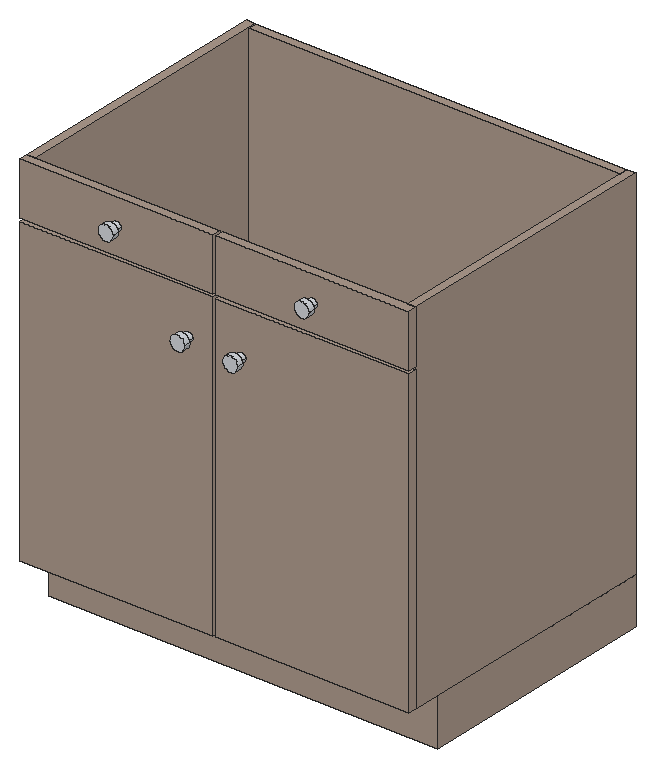
Revit family "AO_CW_CabinetsLowerPair_Gen_FB_IRVINE_CO", category Casework, Revit 2019
Family settings
  Work Plane-Based = No
  Always vertical = Yes
  Cut with Voids When Loaded = No
  Shared = No
  Room Calculation Point = No
Parameters (values of type "33" kitchen sink")
  URL = "www.wicnet.org/manual_sections.asp"
  Top Panel Material = none
  Toe Panel Material = none
  Side Panel Material = none
  Shelf Panel Material = none
  Shelf = yes
  Model = "222"
  Manufacturer = "Woodwork Institute"
  Keynote = "315"
  Drawer Front Material = none
  Door Panel Material = none
  Description = "Base Cabinet w/ Drawers"
  Depth = 2' - 0"
  Height = 2' - 10 1/2"
  Width = 2' - 9"
  Counter Height = 3' - 0"
  Content Creator URL = "www.AECcontent.com"
  Content Creator = "AECcontent"
  Sink False Drawer Pulls [instance] = yes
  Back Panel Material = none
  Assembly Code = "E2010200"
Reference planes (in)
  plane 1 "Back": y = 0
  plane 2 "Center (Left/Right)": x = 0.7377
  plane 3 "Left": x = -15.7623
  plane 4 "Right": x = 17.2377
  plane 5 "Front": y = -24
  plane 6 "Top": z = 34.5
  plane 7: z = 4
  plane 8: z = 4
  plane 9: y = -21
  plane 10: z = 4
  plane 11: z = 16.875
  plane 12: x = -7.5748
  plane 13: x = 9.0502
  plane 14: x = 0.8627
  plane 15: z = 30.875
  plane 16: x = 0.6127
  plane 17: z = 30.875
  plane 18: x = 0.6127
  plane 19: z = 30.625
  plane 20: z = 30.625
  plane 21: x = 0.8627
  plane 22: z = 30
  plane 23: z = 29.75
  plane 24 "Top Top": z = 36
  plane 25: y = -0.75
  plane 26: z = 32.25
  plane 27: x = 0.6127
  plane 28: x = 0.8627
Forms (in)
  Extrusion 1, solid, material <- "Back Panel Material"
    sketch origin (0, 0, 0) x (1, 0, 0) y (0, 0, 1)
      loop
        line (16.4877, 34.5) -> (-15.0123, 34.5) -> (-15.0123, 4) -> (16.4877, 4) -> (16.4877, 34.5)
    from 0 to 0.75
  Extrusion 2, solid, material <- "Shelf Panel Material"
    sketch origin (-0.09236, 0, -14.69269) x (1, 0, 0) y (0, 1, 0)
      loop
        line (-14.91994, -0.75) -> (-14.91994, -23.25) -> (16.58006, -23.25) -> (16.58006, -0.75) -> (-14.91994, -0.75)
    from 18.69269 to 19.44531
  Extrusion 3, solid, material <- "Toe Panel Material"
    sketch origin (0, 0, 0) x (1, 0, 0) y (0, 0, 1)
      loop
        line (-15.7623, 4) -> (-15.7623, 0) -> (17.2377, 0) -> (17.2377, 4) -> (-15.7623, 4)
    from 0 to 0.75
  Extrusion 4, solid, material <- "Toe Panel Material"
    sketch origin (17.2377, 0, 0) x (0, -1, 0) y (0, 0, 1)
      loop
        line (21, 4) -> (0, 4) -> (0, 0) -> (21, 0) -> (21, 4)
    from 0 to 0.75
  Extrusion 5, solid, material <- "Toe Panel Material"
    sketch origin (-15.7623, 0, 0) x (0, -1, 0) y (0, 0, 1)
      loop
        line (0, 4) -> (0, 0) -> (21, 0) -> (21, 4) -> (0, 4)
    from 0 to -0.75
  Extrusion 6, solid, material <- "Toe Panel Material"
    sketch origin (0, -21, 3) x (1, 0, 0) y (0, 0, 1)
      loop
        line (-15.7623, 1) -> (-15.7623, -3) -> (17.2377, -3) -> (17.2377, 1) -> (-15.7623, 1)
    from 0 to -0.75
  Extrusion 7, solid, material <- "Door Panel Material"
    sketch origin (0, -24, 0) x (1, 0, 0) y (0, 0, 1)
      loop
        line (0.8627, 29.75) -> (0.8627, 4) -> (17.2377, 4) -> (17.2377, 29.75) -> (0.8627, 29.75)
    from 0 to -0.75
  Extrusion 8, solid, material <- "Door Panel Material"
    sketch origin (0, -24, 0) x (1, 0, 0) y (0, 0, 1)
      loop
        line (-15.7623, 29.75) -> (-15.7623, 4) -> (0.6127, 4) -> (0.6127, 29.75) -> (-15.7623, 29.75)
    from 0 to -0.75
  Extrusion 9, solid, material <- "Side Panel Material"
    sketch origin (17.2377, 0, 0) x (0, -1, 0) y (0, 0, 1)
      loop
        line (23.25, 34.5) -> (0, 34.5) -> (0, 4) -> (23.25, 4) -> (23.25, 34.5)
    from 0 to 0.75
  Extrusion 10, solid, material <- "Side Panel Material"
    sketch origin (-15.7623, 0, 0) x (0, -1, 0) y (0, 0, 1)
      loop
        line (23.25, 34.5) -> (0, 34.5) -> (0, 4) -> (23.25, 4) -> (23.25, 34.5)
    from 0 to -0.75
  Extrusion 11, solid, material <- "Drawer Front Material"
    sketch origin (0, -24, 0) x (1, 0, 0) y (0, 0, 1)
      loop
        line (-15.7623, 34.5) -> (-15.7623, 30) -> (0.6127, 30) -> (0.6127, 34.5) -> (-15.7623, 34.5)
    from 0 to -0.75
  Extrusion 12, solid, material <- "Drawer Front Material"
    sketch origin (0, -24, 0) x (1, 0, 0) y (0, 0, 1)
      loop
        line (0.8627, 34.5) -> (0.8627, 30) -> (17.2377, 30) -> (17.2377, 34.5) -> (0.8627, 34.5)
    from 0 to -0.75
Cuts and joins
  joined: Extrusion 3, Extrusion 4, Extrusion 5, Extrusion 6
Lines and regions (in)
  symbolic lines, style "Centerline"
    curve 1: line (0.7377, 0, 29.875) -> (-15.7623, 0, 16.875)
    curve 2: line (-15.7623, 0, 16.875) -> (0.7377, 0, 4)
    curve 3: line (0.7377, 0, 29.875) -> (17.2377, 0, 16.875)
    curve 4: line (17.2377, 0, 16.875) -> (0.7377, 0, 4)
  symbolic lines, style "Elevation Swing", visible <- "Shelf"
    curve 5: line (0, -0.75, 16.875) -> (0, -23.25, 16.875)
    curve 6: line (0, -0.75, 17.625) -> (0, -23.25, 17.625)
  symbolic lines, style "CaseworkHiddenLines", visible <- "Shelf"
    curve 7: line (-15.7623, -24, 16.875) -> (17.2377, -24, 16.875)
    curve 8: line (-15.7623, -24, 17.625) -> (17.2377, -24, 17.625)
  model lines, style "InvisibleLines"
    curve 9: line (-15.7623, 0, 36) -> (17.2377, 0, 36)
  model lines, style "AO_HiddenUnderCounter"
    curve 10: line (-15.7623, -24, 36) -> (-15.7623, 0, 36)
    curve 11: line (17.2377, -24, 36) -> (-15.7623, -24, 36)
    curve 12: line (17.2377, 0, 36) -> (17.2377, -24, 36)
Dimensions and locks (in)
  "Depth": plane 5 "Front" to plane 1 "Back"
  "Width": plane 3 "Left" to plane 4 "Right"
  "Height": level to plane 6 "Top"
  locked: plane 5 "Front" to plane 9 at 3
  equal spacing: plane 23, plane 11, plane 10
  plane 22 to plane 23 = 0' - 0 1/4"
  "Counter Height": plane 24 "Top Top" to level
  locked: plane 1 "Back" to plane 25 at 0.75
  equal spacing: plane 3 "Left", plane 12, plane 27, locked at 8.1875 each
  equal spacing: plane 28, plane 13, plane 4 "Right", locked at 8.1875 each
  equal spacing: plane 3 "Left", plane 2 "Center (Left/Right)", plane 4 "Right", locked at 16.5 each
  plane 27 to plane 2 "Center (Left/Right)" to plane 28 = 0' - 0 1/8" locked, 0' - 0 1/8" locked
  locked: plane 6 "Top" to plane 22 at 4.5
  locked: plane 6 "Top" to plane 26 at 2.25
  aligned and locked: Extrusion 3 sketch curve to plane 3 "Left"
  aligned and locked: plane 4 "Right" to Extrusion 3 sketch curve
  aligned and locked: Extrusion 6 sketch curve to plane 3 "Left"
  aligned and locked: plane 4 "Right" to Extrusion 6 sketch curve
  aligned and locked: Extrusion 10 sketch curve to Extrusion 7
  aligned and locked: Extrusion 10 sketch curve to Extrusion 9
  aligned and locked: Extrusion 8 sketch curve to Extrusion 10
  aligned and locked: Extrusion 7 sketch curve to Extrusion 9
  aligned and locked: Extrusion 1 sketch curve to Extrusion 9
  aligned and locked: Extrusion 1 sketch curve to Extrusion 10
  aligned and locked: Extrusion 2 sketch curve to Extrusion 11
  aligned and locked: plane 18 to Extrusion 8 sketch curve
  aligned and locked: Extrusion 7 sketch curve to plane 21
  aligned and locked: plane 22 to Extrusion 11 sketch curve
  aligned and locked: plane 22 to Extrusion 12 sketch curve
  aligned and locked: Extrusion 8 sketch curve to plane 23
  aligned and locked: Extrusion 7 sketch curve to plane 23
  aligned and locked: Extrusion 1 to Extrusion 10
  aligned and locked: curve 7 to curve 4
  aligned and locked: curve 2 to curve 7
  aligned and locked: curve 10 to plane 3 "Left"
  aligned and locked: curve 11 to plane 5 "Front"
  aligned and locked: plane 4 "Right" to curve 12
  aligned and locked: plane 1 "Back" to curve 9
  aligned and locked: nested 4 to plane 12
  aligned and locked: nested 3 to plane 13
  aligned and locked: nested 4 to plane 26
  aligned and locked: nested 3 to plane 26
Automatic sketch dimensions
  Extrusion 3 sketch curve to level = 0' - 0"
  Extrusion 3 sketch curve to plane 7 = 0' - 0"
  Extrusion 4 sketch curve to plane 1 "Back" = 0' - 0"
  Extrusion 4 sketch curve to level = 0' - 0"
  Extrusion 4 sketch curve to plane 9 = 0' - 0"
  Extrusion 4 sketch curve to plane 7 = 0' - 0"
  Extrusion 5 sketch curve to level = 0' - 0"
  Extrusion 5 sketch curve to plane 1 "Back" = 0' - 0"
  Extrusion 5 sketch curve to plane 9 = 0' - 0"
  Extrusion 5 sketch curve to plane 7 = 0' - 0"
  Extrusion 6 sketch curve to level = 0' - 0"
  Extrusion 6 sketch curve to plane 7 = 0' - 0"
  Extrusion 7 sketch curve to plane 7 = 0' - 0"
  Extrusion 8 sketch curve to plane 7 = 0' - 0"
  Extrusion 2 sketch curve to plane 3 "Left" = 0' - 0 3/4"
  plane 4 "Right" to Extrusion 2 sketch curve = 0' - 0 3/4"
  plane 1 "Back" to Extrusion 2 sketch curve = 0' - 0 3/4"
  plane 3 "Left" to curve 1 = 0' - 0"
  plane 3 "Left" to curve 7 = 0' - 0"
  plane 3 "Left" to curve 8 = 0' - 0"
  curve 1 to plane 2 "Center (Left/Right)" = 0' - 0"
  curve 2 to plane 2 "Center (Left/Right)" = 0' - 0"
  plane 4 "Right" to curve 7 = 0' - 0"
  plane 4 "Right" to curve 3 = 0' - 0"
  plane 4 "Right" to curve 8 = 0' - 0"
  curve 2 to plane 7 = 0' - 0"
  curve 2 to plane 11 = 0' - 0"
  curve 1 to plane 22 = 0' - 0 1/8"
  curve 1 to curve 8 = 0' - 0 3/4"
  curve 6 to plane 25 = 0' - 0"
  plane 11 to curve 5 = 0' - 0"
  curve 5 to plane 25 = 0' - 0"
  curve 6 to plane 5 "Front" = 0' - 0 3/4"
  curve 5 to curve 6 = 0' - 0"
  curve 5 to curve 6 = 0' - 0 3/4"
  Extrusion 1 sketch curve to plane 7 = 0' - 0"
  Extrusion 1 sketch curve to plane 6 "Top" = 0' - 0"
  Extrusion 9 sketch curve to plane 1 "Back" = 0' - 0"
  plane 7 to Extrusion 9 sketch curve = 0' - 0"
  plane 6 "Top" to Extrusion 9 sketch curve = 0' - 0"
  Extrusion 9 sketch curve to plane 5 "Front" = 0' - 0 3/4"
  plane 7 to Extrusion 10 sketch curve = 0' - 0"
  plane 6 "Top" to Extrusion 10 sketch curve = 0' - 0"
  plane 3 "Left" to Extrusion 11 sketch curve = 0' - 0"
  plane 16 to Extrusion 11 sketch curve = 0' - 0"
  Extrusion 11 sketch curve to plane 6 "Top" = 0' - 0"
  plane 14 to Extrusion 12 sketch curve = 0' - 0"
  plane 4 "Right" to Extrusion 12 sketch curve = 0' - 0"
  Extrusion 12 sketch curve to plane 6 "Top" = 0' - 0"
Nested families (in)
  nested 1: "Family1" at (2.98193, -24, 26) x (1, 0, 0) z (0, -1, 0), type "Family1"
  nested 2: "Family1" at (-1.50652, -24, 26) x (-1, 0, 0) z (0, -1, 0), type "Family1"
  nested 3: "Family1" at (9.0502, -24, 32.25) x (1, 0, 0) z (0, -1, 0), visible <- "Sink False Drawer Pulls", type "Family1"
  nested 4: "Family1" at (-7.5748, -24, 32.25) x (1, 0, 0) z (0, -1, 0), visible <- "Sink False Drawer Pulls", type "Family1"
Definition of nested family "Family1"
  Parameters (values of type "Family1")
    Default Elevation = 4' - 0"
  Reference planes (in)
    plane 1 "Center (Front/Back)": y = 0
    plane 2: z = 0
    plane 3 "Center (Left/Right)": x = 0
  Forms (in)
    Extrusion 1, solid
      sketch origin (0, 0, 0) x (1, 0, 0) y (0, 1, 0)
        loop
          line (-48, 48) -> (-48, -48) -> (48, -48) -> (48, 48) -> (-48, 48)
      from 0 to -12
    Blend 2, solid
      base sketch origin (0, 0, 0) x (1, 0, 0) y (0, 1, 0)
        loop
          circle (0, 0) r 0.375
      top sketch origin (0, 0, 0) x (1, 0, 0) y (0, 1, 0)
        loop
          circle (0, 0) r 0.25
      from 0 to 0.625
    Extrusion 3, solid
      sketch origin (0, 0, 0) x (1, 0, 0) y (0, 1, 0)
        loop
          circle (0, 0) r 0.625
      from 0.625 to 1.125
  Dimensions and locks (in)
    aligned and locked: plane 2 to Extrusion 1
    aligned and locked: level to Extrusion 1
